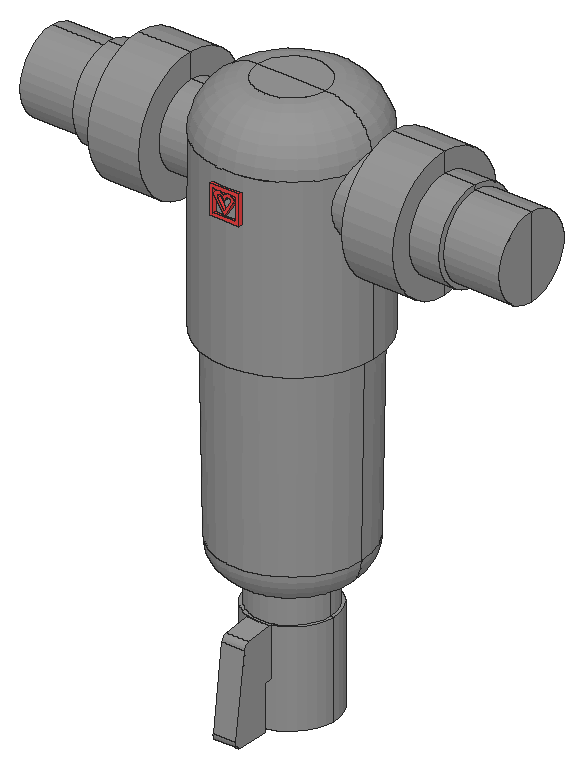
Revit family "Фильтр для горячей воды 0554", category Rohrzubehör, Revit 2019
Family settings
  Bemaßung runder Anschluss = Durchmesser verwenden
  Teiletyp = Unterbricht
  OmniClass-Nummer = 23.65.55.14
  OmniClass-Titel = Valves for Liquid Services
  Arbeitsebenenbasiert = Nein
  Immer vertikal = Ja
  Beim Laden mit Abzugskörper schneiden = Nein
  Gemeinsam genutzt = Nein
Parameters
  Фильтрующий элемент = "нержавеющая сталь, тонкость фильтрации 100 мкм"  # constant formula
  Среда = "Питьевая вода"  # constant formula
  Примечание = "В соответствии со статьей 33 Регламента REACH (Registration; Evaluation; Authorisation; Restriction of Chemicals) (EC № 1907/2006) мы обязаны указать, что свинец внесен в список SVHC (Substances of Very High Concern - вещества очень высокой важности) и весовой процент свинца во всех латунных компонентах заводского изготовления в наших изделиях, превышает 0,1 % (w/w) (CAS: 7439-92-1 / EINECS: 231-100-4).\r\nПоскольку свинец является легирующим компонентом сплава, прямое негативное влияние исключается, и поэтому дополнительной информации о безопасном использовании не требуется."
  Макс. рабочее давление = 1600000.0 Pa  # constant formula
  Макс. рабочая температура = 60 °C  # constant formula
  Корпус = "латунь, CW617N"  # constant formula
  Исполнение = "HERZ-фильтр для воды устанавливается на вводе в здание для предотвращения попадания загрязнений в питьевую воду."
  W02 = 88.00°  # constant formula
  W01 = 89.00°  # constant formula
  VRS01 = 10.000 mm  # constant formula
  SC_NennweiteBerechnet = 0
  SC_Dimension = ""
  SCTWSEQ = "FI;SBT_TYP_FI=\"FI\";2"
  SCTWCODE = "02;00;02"  # constant formula
  S01 [instance] = (L02 + VRL01 + VRL02) - (L01 / 2)  # 30.500 mm
  Модель = "Фильтр для горячей воды с корпусом из латуни и чашей из трогамида."
  Чаша = "пластик, трогамид"  # constant formula
  GT [instance] = size_lookup("0554_", "GT", 1.000 mm, Nennweite)  # 17.500 mm
  VRL02 [instance] = size_lookup("0554_", "VRL2", 1.000 mm, Nennweite)  # 27.000 mm
  VRL01 [instance] = size_lookup("0554_", "VRL1", 1.000 mm, Nennweite)  # 16.000 mm
  VRD02 [instance] = size_lookup("0554_", "VRD2", 1.000 mm, Nennweite)  # 14.000 mm
  VRD01 [instance] = size_lookup("0554_", "VRD1", 1.000 mm, Nennweite)  # 20.000 mm
  URL = "www.herz-armaturen.ru"
  T01 = 1.000 mm  # constant formula
  R02 = 8.000 mm  # constant formula
  R01 = 12.500 mm  # constant formula
  Nennweite [instance] = 25.000 mm
  D02 = 22.750 mm  # constant formula
  L02 [instance] = size_lookup("0554_", "L2", 1.000 mm, Nennweite)  # 31.500 mm
  L01 [instance] = size_lookup("0554_", "L1", 1.000 mm, Nennweite)  # 88.000 mm
  Hersteller = "HERZ Armaturen Ges.m.b.H."  # constant formula
  H04 = 151.000 mm  # constant formula
  H03 = 67.500 mm  # constant formula
  H02 = 45.500 mm  # constant formula
  H01 = 24.000 mm  # constant formula
  Номер заказа [instance] = if(Nennweite = 15.000 mm, "I055401", if(Nennweite = 20.000 mm, "I055402", if(Nennweite = 25.000 mm, "I055403", "0")))  # "I055403"
  AG [instance] = Nennweite / 2  # 12.500 mm
  D01 = 25.500 mm  # constant formula
Reference planes
  plane 1 "Mitte (Vorne/hinten)": y = 0
  plane 2: z = 0
  plane 3 "Mitte (Links/rechts)": x = 0
Forms (mm)
  Revolve 1, solid, material "Messing, weicher Gelbton, geschweißt", detail levels fine
    sketch origin (0, 0, 0) x (1, 0, 0) y (0, 0, 1)
      loop
        line (-44, 0) -> (44, 0) -> (44, 12.5) -> (-44, 12.5) -> (-44, 0)
      axis (-44, 0) -> (44, 0)
    angle from 0 to 360
  Revolve 2, solid, material "Messing, weicher Gelbton, geschweißt", detail levels fine
    sketch origin (0, 0, 0) x (1, 0, 0) y (0, 0, 1)
      loop
        line (-31.5, 0) -> (-31.5, 20) -> (-47.5, 20) -> (-47.5, 14) -> (-57, 14) -> (-57, 12.5) -> (-74.5, 12.5) -> (-74.5, 0) -> (-31.5, 0)
      axis (-74.5, 0) -> (-31.5, 0)
    angle from 0 to 360
  Revolve 3, solid, material "Messing, weicher Gelbton, geschweißt", detail levels fine
    sketch origin (0, 0, 0) x (-1, 0, 0) y (0, 0, 1)
      loop
        line (-31.5, 0) -> (-31.5, 20) -> (-47.5, 20) -> (-47.5, 14) -> (-57, 14) -> (-57, 12.5) -> (-74.5, 12.5) -> (-74.5, 0) -> (-31.5, 0)
      axis (-74.5, 0) -> (-31.5, 0)
    angle from 0 to 360
  Revolve 4, solid, material "Messing, weicher Gelbton, geschweißt", detail levels fine
    sketch origin (0, 0, 0) x (1, 0, 0) y (0, 0, 1)
      loop
        line (0, -45.5) -> (0, 24) -> (-10.5, 24)
        arc (-10.5, 24) -> (-21.107, 19.607) -> (-25.5, 9) r 15
        line (-25.5, 9) -> (-25.5, -45.5) -> (0, -45.5)
      axis (0, 24) -> (0, -45.5)
    angle from 0 to 360
  Revolve 5, solid, material "ABS-Kunststoff", detail levels fine
    sketch origin (0, 0, 0) x (1, 0, 0) y (0, 0, 1)
      loop
        line (0, -45.5) -> (-22.75, -45.5) -> (-21.744, -103.156)
        arc (-21.744, -103.156) -> (-19.193, -109.695) -> (-13, -113) r 10.114
        line (-13, -113) -> (0, -113) -> (0, -45.5)
      axis (0, -45.5) -> (0, -113)
    angle from 0 to 360
  Revolve 6, solid, material "Aluminium 3003-H16", detail levels fine
    sketch origin (0, 0, 0) x (1, 0, 0) y (0, 0, 1)
      loop
        line (-13.007, -151) -> (0, -151) -> (0, -113) -> (-12.007, -113) -> (-12.007, -122) -> (-13.007, -122) -> (-13.007, -151)
      axis (0, -113) -> (0, -151)
    angle from 0 to 360
  Extrusion 7, solid, material "Acetalharz, Schwarz", detail levels fine
    sketch origin (0, 0, 0) x (0, 1, 0) y (0, 0, 1)
      loop
        line (-15.045, -151) -> (-15.045, -137.8)
        arc (-15.045, -137.8) -> (-14.81, -137.234) -> (-14.245, -137) r 0.8
        line (-14.245, -137) -> (0, -137) -> (0, -122) -> (-12.995, -122) -> (-20.95, -122.837)
        arc (-20.95, -122.837) -> (-22.128, -123.386) -> (-22.72, -124.543) r 2
        line (-22.72, -124.543) -> (-26.174, -148.717)
        arc (-26.174, -148.717) -> (-25.705, -150.31) -> (-24.194, -151) r 2
        line (-24.194, -151) -> (-15.045, -151)
    from 3.5 to -3.5
Lines and regions (mm)
  model lines, detail levels coarse+medium
    curve 1: line (-44, 0, 24) -> (-44, 0, -24)
    curve 2: line (-44, 0, -24) -> (44, 0, -24)
    curve 3: line (44, 0, -24) -> (44, 0, 24)
    curve 4: line (44, 0, 24) -> (-44, 0, 24)
    curve 5: line (44, 0, 24) -> (12.5, 0, 0)
    curve 6: line (12.5, 0, 0) -> (44, 0, -24)
    curve 7: line (44, 0, 24) -> (54, 0, 24)
    curve 8: line (54, 0, 24) -> (44, 0, 0)
    curve 9: line (44, 0, -24) -> (54, 0, -24)
    curve 10: line (54, 0, -24) -> (44, 0, 0)
    curve 11: line (44, 0, 0) -> (74.5, 0, 0)
    curve 12: line (-44, 0, 24) -> (-54, 0, 24)
    curve 13: line (-54, 0, 24) -> (-44, 0, 0)
    curve 14: line (-44, 0, -24) -> (-54, 0, -24)
    curve 15: line (-54, 0, -24) -> (-44, 0, 0)
    curve 16: line (-44, 0, 0) -> (-74.5, 0, 0)
    curve 17: line (-44, -24, 0) -> (44, -24, 0)
    curve 18: line (-44, 24, 0) -> (-44, -24, 0)
    curve 19: line (44, 24, 0) -> (-44, 24, 0)
    curve 20: line (44, -24, 0) -> (44, 24, 0)
    curve 21: line (44, 24, 0) -> (8.232, 0, 0)
    curve 22: line (8.232, 0, 0) -> (44, -24, 0)
    curve 23: line (44, 24, 0) -> (54, 24, 0)
    curve 24: line (54, 24, 0) -> (44, 0, 0)
    curve 25: line (44, -24, 0) -> (54, -24, 0)
    curve 26: line (54, -24, 0) -> (44, 0, 0)
    curve 27: line (-44, 24, 0) -> (-54, 24, 0)
    curve 28: line (-54, 24, 0) -> (-44, 0, 0)
    curve 29: line (-44, -24, 0) -> (-54, -24, 0)
    curve 30: line (-54, -24, 0) -> (-44, 0, 0)
Dimensions and locks
  "L01": Revolve 1 sketch curve to Revolve 1 sketch curve
  equal spacing: Revolve 1 sketch curve, plane 3 "Mitte (Links/rechts)", Revolve 1 sketch curve
  "R01": Revolve 1 sketch curve to plane 2
  "L02": plane 3 "Mitte (Links/rechts)" to Revolve 2 sketch curve
  "VRL01": Revolve 2 sketch curve to Revolve 2 sketch curve
  "VRL02": Revolve 2 sketch curve to Revolve 2 sketch curve
  "GT": Revolve 2 sketch curve to Revolve 2 sketch curve
  "VRD01": Revolve 2 sketch curve to Revolve 2 sketch curve
  "VRD02": Revolve 2 sketch curve to Revolve 2 sketch curve
  "AG": Revolve 2 sketch curve to Revolve 2 sketch curve
  "VRL01": Revolve 3 sketch curve to Revolve 3 sketch curve
  "VRL02": Revolve 3 sketch curve to Revolve 3 sketch curve
  "GT": Revolve 3 sketch curve to Revolve 3 sketch curve
  "VRD01": Revolve 3 sketch curve to Revolve 3 sketch curve
  "VRD02": Revolve 3 sketch curve to Revolve 3 sketch curve
  "AG": Revolve 3 sketch curve to Revolve 3 sketch curve
  "L02": Revolve 3 sketch curve to plane 3 "Mitte (Links/rechts)"
  "H01": Revolve 4 sketch curve to plane 2
  "D01": Revolve 4 sketch curve to Revolve 4 sketch curve
  "H02": plane 2 to Revolve 4 sketch curve
  "D02": Revolve 5 sketch curve to Revolve 5 sketch curve
  "H02": plane 2 to Revolve 5 sketch curve
  "H03": Revolve 5 sketch curve to Revolve 5 sketch curve
  "H04": plane 2 to Revolve 6 sketch curve
  "D01": nested 1 to plane 1 "Mitte (Vorne/hinten)"
  equal spacing: curve 1, plane 3 "Mitte (Links/rechts)", curve 3
  "H01": curve 4 to level to curve 2
  "L01": curve 1 to curve 3
  "L02": curve 3 to curve 6
  "VRS01": curve 8 to curve 3
  "VRS01": curve 10 to curve 3
  "S01": curve 11 to curve 3
  "VRS01": curve 13 to curve 1
  "VRS01": curve 15 to curve 1
  "S01": curve 16 to Revolve 1
  "L01": curve 18 to curve 20
  equal spacing: curve 18, plane 3 "Mitte (Links/rechts)", curve 20
  "H01": curve 19 to plane 1 "Mitte (Vorne/hinten)" to curve 17
  "VRS01": curve 20 to curve 24
  "VRS01": curve 20 to curve 26
  "VRS01": curve 28 to curve 18
  "VRS01": curve 30 to curve 18
  "W01": angle Revolve 5 sketch curve to Revolve 4
  aligned and locked: level to plane 2
Automatic sketch dimensions
  Extrusion 7 sketch curve to plane 1 "Mitte (Vorne/hinten)" = 0.000 mm
  plane 1 "Mitte (Vorne/hinten)" to Extrusion 7 sketch curve = 12.995 mm
  plane 1 "Mitte (Vorne/hinten)" to Extrusion 7 sketch curve = 14.245 mm
  Extrusion 7 sketch curve to Extrusion 7 sketch curve = 0.800 mm
  Extrusion 7 sketch curve to Extrusion 7 sketch curve = 7.746 mm
  Extrusion 7 sketch curve to Extrusion 7 sketch curve = 0.209 mm
  Extrusion 7 sketch curve to Extrusion 7 sketch curve = 1.980 mm  (x2)
  Extrusion 7 sketch curve to Extrusion 7 sketch curve = 9.149 mm
  Extrusion 7 sketch curve to level = 151.000 mm
  Extrusion 7 sketch curve to Extrusion 7 sketch curve = 2.000 mm
  Extrusion 7 sketch curve to Extrusion 7 sketch curve = 13.200 mm
  Extrusion 7 sketch curve to Extrusion 7 sketch curve = 12.174 mm
  Extrusion 7 sketch curve to Extrusion 7 sketch curve = 0.283 mm
  Extrusion 7 sketch curve to Extrusion 7 sketch curve = 15.000 mm
  curve 15 to level = 0.000 mm
  curve 11 to level = 0.000 mm
  curve 8 to level = 0.000 mm
  curve 5 to level = 0.000 mm
  plane 1 "Mitte (Vorne/hinten)" to curve 22 = 0.000 mm
  plane 1 "Mitte (Vorne/hinten)" to curve 28 = 0.000 mm
  plane 1 "Mitte (Vorne/hinten)" to curve 24 = 0.000 mm
  plane 1 "Mitte (Vorne/hinten)" to curve 26 = 0.000 mm
  plane 3 "Mitte (Links/rechts)" to curve 22 = 8.232 mm
  Revolve 1 sketch curve to level = 0.000 mm  (x2)
  Revolve 1 sketch curve to Revolve 1 sketch curve = 1474.830 mm
  Revolve 1 sketch curve to Revolve 1 sketch curve = 1807.448 mm
  Revolve 2 sketch curve to level = 0.000 mm  (x2)
  Revolve 2 sketch curve to Revolve 2 sketch curve = 1440.530 mm
  plane 3 "Mitte (Links/rechts)" to Revolve 2 sketch curve = 1839.148 mm
  Revolve 3 sketch curve to level = 0.000 mm  (x2)
  Revolve 3 sketch curve to Revolve 3 sketch curve = 1440.530 mm
  plane 3 "Mitte (Links/rechts)" to Revolve 3 sketch curve = 1839.148 mm
  Revolve 4 sketch curve to plane 3 "Mitte (Links/rechts)" = 0.000 mm  (x2)
  level to Revolve 4 sketch curve = 9.000 mm
  Revolve 4 sketch curve to Revolve 4 sketch curve = 320.545 mm
  Revolve 4 sketch curve to Revolve 4 sketch curve = 2190.315 mm
  Revolve 5 sketch curve to plane 3 "Mitte (Links/rechts)" = 0.000 mm  (x2)
  Revolve 5 sketch curve to plane 3 "Mitte (Links/rechts)" = 21.744 mm
  Revolve 5 sketch curve to Revolve 5 sketch curve = 13.000 mm
  Revolve 5 sketch curve to Revolve 5 sketch curve = 10.112 mm
  Revolve 5 sketch curve to Revolve 5 sketch curve = 255.045 mm
  level to Revolve 5 sketch curve = 2214.315 mm
  Revolve 6 sketch curve to plane 3 "Mitte (Links/rechts)" = 0.000 mm  (x2)
  Revolve 6 sketch curve to plane 3 "Mitte (Links/rechts)" = 12.007 mm
  Revolve 6 sketch curve to plane 3 "Mitte (Links/rechts)" = 13.007 mm
  Revolve 6 sketch curve to Revolve 6 sketch curve = 29.000 mm
  Revolve 6 sketch curve to Revolve 6 sketch curve = 9.000 mm
  Revolve 6 sketch curve to Revolve 6 sketch curve = 192.045 mm
  level to Revolve 6 sketch curve = 2214.315 mm
Nested families
  nested 1: "Herz-Logo-vorne" at (0, -25.5, 0) x (0, 1, 0) z (0, 0, 1), type "Herz-Logo-vorne", detail levels fine
Connectors
  piping at (-74.5, 0, 0), diameter 25, driven by "Nennweite"
    settings: on Revolve 2, index 1, connector inside diameter 609.6 mm, connector length 0.000 mm, flow factor 0, pipe flow 0.0 L/s, pressure drop 0.0 Pa, fitting loss kfactor 0, connector angle 0.00°, fixture units 0, engagement length 0.000 mm, angle of deflection 0.00°, flow configuration 0, flow direction 1, fitting loss method 0, system type 19, joint type 0, gender type 0, connector reference index -1, connector utility 0, adjustable connector no, is connector primary yes, connector description ""
  piping at (74.5, 0, 0), diameter 25, driven by "Nennweite"
    settings: on Revolve 3, index 2, connector inside diameter 609.6 mm, connector length 0.000 mm, flow factor 0, pipe flow 0.0 L/s, pressure drop 0.0 Pa, fitting loss kfactor 0, connector angle 0.00°, fixture units 0, engagement length 0.000 mm, angle of deflection 0.00°, flow configuration 0, flow direction 2, fitting loss method 0, system type 19, joint type 0, gender type 0, connector reference index -1, connector utility 0, adjustable connector no, is connector primary no, connector description ""
Definition of nested family "Herz-Logo-vorne"
  Reference planes
    plane 1 "Mitte (Vorne/hinten)": y = 0
    plane 2: z = 0
    plane 3 "Mitte (Links/rechts)": x = 0
  Forms (mm)
    Extrusion 1, solid
      sketch origin (0.732, -0.018, 0.017) x (0, -1, 0) y (0, 0, 1)
        loop
          line (-0.018, -4.517) -> (4.482, -4.517) -> (4.482, 4.483) -> (-4.518, 4.483) -> (-4.518, -4.517) -> (-0.018, -4.517)
        loop
          line (-0.05, -3.48) -> (3.482, -3.48) -> (3.482, 3.483) -> (-3.518, 3.483) -> (-3.518, -3.48) -> (-0.05, -3.48)
        loop
          arc (-0.018, 2.383) -> (-1.543, 3.287) -> (-3.067, 2.383) r 1.738
          arc (-3.067, 2.383) -> (-3.191, 1.899) -> (-3.067, 1.415) r 1.009
          line (-3.067, 1.415) -> (-0.018, -3.281) -> (3.032, 1.415)
          arc (3.032, 1.415) -> (3.156, 1.899) -> (3.032, 2.383) r 1.009
          arc (3.032, 2.383) -> (1.507, 3.287) -> (-0.018, 2.383) r 1.738
        loop
          arc (1.885, 1.272) -> (2.005, 1.675) -> (1.885, 2.079) r 0.74
          arc (1.885, 2.079) -> (1.265, 2.416) -> (0.644, 2.079) r 0.74
          line (0.644, 2.079) -> (-0.018, 0.97) -> (-0.679, 2.079)
          arc (-0.679, 2.079) -> (-1.3, 2.416) -> (-1.921, 2.079) r 0.74
          arc (-1.921, 2.079) -> (-2.04, 1.675) -> (-1.921, 1.272) r 0.74
          line (-1.921, 1.272) -> (-0.018, -1.658) -> (1.885, 1.272)
      from 0 to 1.5
  Dimensions and locks
    aligned and locked: level to plane 2
